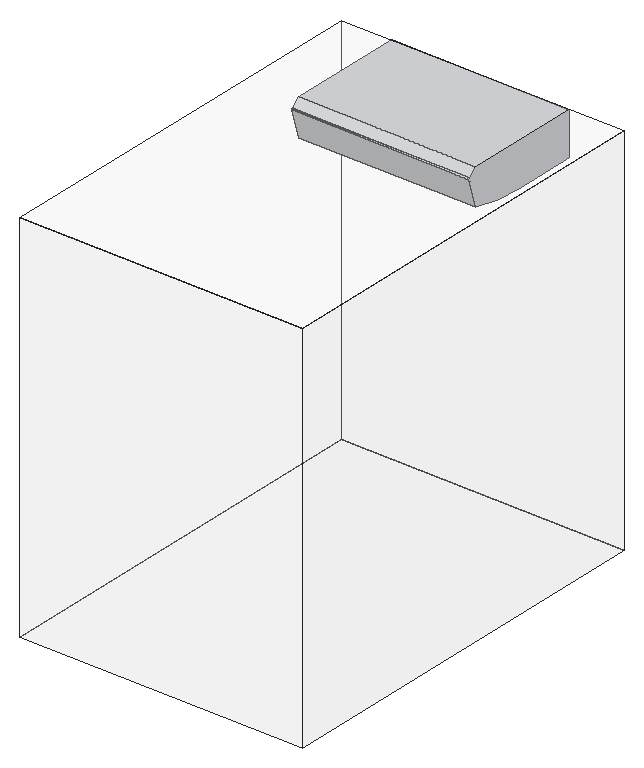
Revit family "pc-rp40_160kal17_50Hz", category 機械設備, Revit 2019
Family settings
  丸型コネクタ寸法 = 直径を使用
  パーツ タイプ = 標準
  OmniClass 番号 = 23.75.10.24.21.27.27
  OmniClass タイトル = Split System Air Conditioning Units
  作業面ベース = いいえ
  常に垂直 = はい
  ロード時にボイドで切り取り = いいえ
  共有 = いいえ
  部屋計算ポイント = はい
Parameters (values of type "天吊_PC-RP40KA17")
  風量（弱）（m3／min） = 9
  風量（中2）（m3／min） = 10
  風量（中1）（m3／min） = 11
  風量（m3／min） = 13
  風量 = MAX風量  # 780.0 m³/h
  音響パワーレベル（弱）(dB) = 48
  音響パワーレベル（中2）(dB) = 50
  音響パワーレベル（中1）(dB) = 53
  音響パワーレベル(dB) = 55
  電源種別 = ""
  電源_H = 0 mm
  電圧_電気ヒーター = 0 V
  電圧 = 200 V
  電動機出力_送風機 = 0.09 kW
  運転質量 = 0.00 kg
  連動 = ""
  質量 = if(製品質量 > 運転質量, 製品質量, 運転質量) * 1.2  # 28.80 kg
  負荷分類 = 3_ファン類
  説明 = "店舗・事務所用パッケージエアコン(Mr.SLIM) [本体] 天吊形室内機"
  設計暖房能力 = 0.00 kW
  設計冷房能力_顕熱 = 0 kW
  設計冷房能力 = 0 kW
  設置方法 = "天井吊形"
  記号 = ""
  製造元 = "三菱電機株式会社"
  製品質量 = 24.00 kg
  製品出荷対象 = "国内"
  製品リリース年月 = "2021年6月30日"
  製品グループ = ""
  背面_液管接続口 = 184 mm
  背面_ドレン管接続口 = 233 mm
  背面_ガス管接続口 = 203 mm
  系統 = ""
  符号 = "ACP-CR"
  積算_科目 = "1 空気調和設備"
  積算_拾い区分 [instance] = ""
  相 = 1
  盤記号 = ""
  発停方法 = "付属スイッチ"
  特殊仕様 = ""
  点検口離隔 [instance] = if(点検口離隔入力値 > 200 mm, 200 mm, if(点検口離隔入力値 < 150 mm, 150 mm, 点検口離隔入力値))  # 150 mm
  点検口離隔入力値 [instance] = 0 mm
  点検口設置範囲 = 0 mm
  点検口 = yes
  火災停止 = ""
  消費電力_電気ヒーター = 0.00 kW
  消費電力_暖房 = 0.00 kW
  消費電力_加湿器 = 0.00 kW
  消費電力_冷房 = 0.05 kW
  消費電力 = if(消費電力_冷房 > 消費電力_暖房, 消費電力_冷房, 消費電力_暖房) + 消費電力_加湿器 + 消費電力_電気ヒーター  # 0.05 kW
  法定耐用年数 = "6"
  極数 = 1
  材質 = ""
  本体マテリアル = none
  有効加湿量 = 0
  暖房能力 = 0.00 kW
  推奨ブレーカー容量 = 0 A
  形式_加湿器 = ""
  形式 = "天井吊（露出）形"
  幹線記号 = ""
  始動方式 = "直入"
  呼称 = "室内機_天井吊(露出)形"
  周波数 = 50 Hz
  吊り位置Y = 320 mm
  吊り位置X = 917 mm
  吊りボルト_H = 50 mm
  台数_手元リモコン = ""
  台数_冷媒分岐ユニット = ""
  参照している仕様書等のバージョン = "公共建築物標準仕様書（機械設備工事編）平成31年度版"
  加湿給水管径 = 0 mm
  分類コード = "50053003221080"
  分類グループ = ""
  冷房能力 = 3.6 kW
  冷媒高低圧ガス管径 = 0 mm
  冷媒管径符号 = "Ac"
  冷媒管径 = 100 mm
  冷媒液管高さ = 126 mm
  冷媒液管径 = 6.35 mm
  冷媒ガス管高さ = 126 mm
  冷媒ガス管径 = 12.7 mm
  価格 = 247000
  企業コード = "108420"
  付属品_フィルター = ""
  付属品 = ""
  仕様書バージョン = "Version1.0"
  モデル = "PC-RP40KA17"
  パネルマテリアル = none
  ドレン管高さ = 190 mm
  ドレン管径 (外径) = 26 mm
  ドレン管径 = 20 mm
  サービススペース = yes
  コメント [instance] = ""
  ケーブル種類1 = ""
  ケーブルサイズ1 = 0 mm
  Width = 960 mm
  Version = ""
  Uniclass2015Version = "Systems v1.9"
  Uniclass2015Title = "Split coil remote air cooled condensing units"
  Uniclass2015Code = "Pr_70_65_03_84"
  URL = "https://www.mitsubishielectric.co.jp/ldg/wink/ssl/displayProduct.do?pid=311504"
  SpecificationReference = ""
  SpecificationDescription = ""
  Revision = ""
  ProductInformation = ""
  OmniClassCode = "23-33 17 13 11"
  MIN風量 = 風量（弱）（m3／min） * 60.0 m³/h  # 540.0 m³/h
  MID風量2 = 風量（中2）（m3／min） * 60.0 m³/h  # 600.0 m³/h
  MID風量 = 風量（中1）（m3／min） * 60.0 m³/h  # 660.0 m³/h
  MAX風量 = 風量（m3／min） * 60.0 m³/h  # 780.0 m³/h
  IfcTypeProduct = ""
  IfcProduct = ""
  IfcExportType = "AIRCONDITIONINGUNIT"
  IfcExportAs = "IfcUnitaryEquipmentType"
  Height_本体 = 230 mm
  Height = Height_本体 + 6 mm  # 236 mm
  Depth = 680 mm
  Clearance Top = 1 mm
  Clearance Right = 300 mm
  Clearance Left = 270 mm
  Clearance Front = 1500 mm
  Clearance Bottom = 1800 mm
  Clearance Back = 0 mm
  Author = "三菱電機株式会社"
Types (21, lengths in mm): name | 風量（弱）（m3／min） | 風量（中2）（m3／min） | 風量（中1）（m3／min） | 風量（m3／min） | 風量 | 音響パワーレベル（弱）(dB) | 音響パワーレベル（中2）(dB) | 音響パワーレベル（中1）(dB) | 音響パワーレベル(dB) | 電動機出力_送風機 | 質量 | 製品質量 | 背面_液管接続口 | 背面_ガス管接続口 | 消費電力_暖房 | 消費電力_冷房 | 消費電力 | 暖房能力 | 吊り位置X | 冷房能力 | 冷媒管径符号 | 冷媒液管径 | 冷媒ガス管径 | 価格 | モデル | Width | URL | MIN風量 | MID風量2 | MID風量 | MAX風量
  (no name) | 9 | 10 | 11 | 13 | 780.0 m³/h | 48 | 50 | 53 | 55 | 0.09 kW | 28.80 kg | 24.00 kg | 184 | 203 | 0.00 kW | 0.05 kW | 0.05 kW | 0.00 kW | 917 | 3.6 kW | "Ac" | 6.35 | 12.7 | 247000 | "PC-RP40KA17" | 960 | "https://www.mitsubishielectric.co.jp/ldg/wink/ssl/displayProduct.do?pid=311504" | 540.0 m³/h | 600.0 m³/h | 660.0 m³/h | 780.0 m³/h
  天吊_PC-RP45KAL17 | 9 | 10 | 11 | 13 | 780.0 m³/h | 48 | 50 | 53 | 55 | 0.09 kW | 28.80 kg | 24.00 kg | 184 | 203 | 0.04 kW | 0.05 kW | 0.05 kW | 4.50 kW | 917 | 4 kW | "Ac" | 6.35 | 12.7 | 267000 | "PC-RP45KAL17" | 960 | "https://www.mitsubishielectric.co.jp/ldg/wink/ssl/displayProduct.do?pid=311472" | 540.0 m³/h | 600.0 m³/h | 660.0 m³/h | 780.0 m³/h
  天吊_PC-RP56KAL17 | 10 | 11 | 12 | 13 | 780.0 m³/h | 48 | 50 | 53 | 55 | 0.09 kW | 30.00 kg | 25.00 kg | 184 | 203 | 0.05 kW | 0.06 kW | 0.06 kW | 5.60 kW | 917 | 5 kW | "Ac" | 6.35 | 12.7 | 286000 | "PC-RP56KAL17" | 960 | "https://www.mitsubishielectric.co.jp/ldg/wink/ssl/displayProduct.do?pid=311474" | 600.0 m³/h | 660.0 m³/h | 720.0 m³/h | 780.0 m³/h
  天吊_PC-RP71KAL17 | 13 | 16 | 18 | 20 | 1200.0 m³/h | 50 | 53 | 55 | 57 | 0.095 kW | 38.40 kg | 32.00 kg | 180 | 200 | 0.09 kW | 0.10 kW | 0.10 kW | 7.00 kW | 1237 | 6.3 kW | "Bd" | 9.5 | 15.9 | 295000 | "PC-RP71KAL17" | 1280 | "https://www.mitsubishielectric.co.jp/ldg/wink/ssl/displayProduct.do?pid=311476" | 780.0 m³/h | 960.0 m³/h | 1080.0 m³/h | 1200.0 m³/h
  天吊_PC-RP80KAL17 | 13 | 16 | 18 | 20 | 1200.0 m³/h | 50 | 53 | 55 | 57 | 0.095 kW | 38.40 kg | 32.00 kg | 180 | 200 | 0.09 kW | 0.10 kW | 0.10 kW | 8.00 kW | 1237 | 7.1 kW | "Bd" | 9.5 | 15.9 | 310000 | "PC-RP80KAL17" | 1280 | "https://www.mitsubishielectric.co.jp/ldg/wink/ssl/displayProduct.do?pid=311477" | 780.0 m³/h | 960.0 m³/h | 1080.0 m³/h | 1200.0 m³/h
  天吊_PC-RP112KAL17 | 20 | 22 | 26 | 29 | 1740.0 m³/h | 54 | 56 | 59 | 62 | 0.16 kW | 45.60 kg | 38.00 kg | 180 | 200 | 0.11 kW | 0.12 kW | 0.12 kW | 11.20 kW | 1557 | 10 kW | "Bd" | 9.5 | 15.9 | 342000 | "PC-RP112KAL17" | 1600 | "https://www.mitsubishielectric.co.jp/ldg/wink/ssl/displayProduct.do?pid=311478" | 1200.0 m³/h | 1320.0 m³/h | 1560.0 m³/h | 1740.0 m³/h
  天吊_PC-RP140KAL17 | 21 | 24 | 27 | 31 | 1860.0 m³/h | 56 | 58 | 61 | 63 | 0.16 kW | 45.60 kg | 38.00 kg | 180 | 200 | 0.13 kW | 0.14 kW | 0.14 kW | 14.00 kW | 1557 | 12.5 kW | "Bd" | 9.5 | 15.9 | 390000 | "PC-RP140KAL17" | 1600 | "https://www.mitsubishielectric.co.jp/ldg/wink/ssl/displayProduct.do?pid=311479" | 1260.0 m³/h | 1440.0 m³/h | 1620.0 m³/h | 1860.0 m³/h
  天吊_PC-RP160KAL17 | 22 | 25 | 28 | 33 | 1980.0 m³/h | 58 | 60 | 62 | 65 | 0.16 kW | 45.60 kg | 38.00 kg | 180 | 200 | 0.16 kW | 0.17 kW | 0.17 kW | 16.00 kW | 1557 | 14 kW | "Bd" | 9.5 | 15.9 | 399000 | "PC-RP160KAL17" | 1600 | "https://www.mitsubishielectric.co.jp/ldg/wink/ssl/displayProduct.do?pid=311480" | 1320.0 m³/h | 1500.0 m³/h | 1680.0 m³/h | 1980.0 m³/h
  天吊_PC-RP63KAL17 | 12 | 14 | 15 | 17 | 1020.0 m³/h | 49 | 51 | 53 | 55 | 0.095 kW | 38.40 kg | 32.00 kg | 184 | 203 | 0.06 kW | 0.07 kW | 0.07 kW | 6.30 kW | 1237 | 5.6 kW | "Ac" | 6.4 | 12.7 | 294000 | "PC-RP63KAL17" | 1280 | "https://www.mitsubishielectric.co.jp/ldg/wink/ssl/displayProduct.do?pid=311475" | 720.0 m³/h | 840.0 m³/h | 900.0 m³/h | 1020.0 m³/h
  天吊_PC-RP40KAL17 | 9 | 10 | 11 | 13 | 780.0 m³/h | 48 | 50 | 53 | 55 | 0.09 kW | 28.80 kg | 24.00 kg | 184 | 203 | 0.04 kW | 0.05 kW | 0.05 kW | 4.00 kW | 917 | 3.6 kW | "Ac" | 6.35 | 12.7 | 258000 | "PC-RP40KAL17" | 960 | "https://www.mitsubishielectric.co.jp/ldg/wink/ssl/displayProduct.do?pid=311471" | 540.0 m³/h | 600.0 m³/h | 660.0 m³/h | 780.0 m³/h
  天吊_PC-RP50KAL17 | 10 | 11 | 12 | 13 | 780.0 m³/h | 48 | 50 | 53 | 55 | 0.09 kW | 30.00 kg | 25.00 kg | 184 | 203 | 0.05 kW | 0.06 kW | 0.06 kW | 5.00 kW | 917 | 4.5 kW | "Ac" | 6.35 | 12.7 | 274000 | "PC-RP50KAL17" | 960 | "https://www.mitsubishielectric.co.jp/ldg/wink/ssl/displayProduct.do?pid=311473" | 600.0 m³/h | 660.0 m³/h | 720.0 m³/h | 780.0 m³/h
  天吊_PC-RP112KA17 | 20 | 22 | 26 | 29 | 1740.0 m³/h | 54 | 56 | 59 | 62 | 0.16 kW | 45.60 kg | 38.00 kg | 180 | 200 | 0.00 kW | 0.12 kW | 0.12 kW | 0.00 kW | 1557 | 10 kW | "Bd" | 9.5 | 15.9 | 331000 | "PC-RP112KA17" | 1600 | "https://www.mitsubishielectric.co.jp/ldg/wink/ssl/displayProduct.do?pid=311468" | 1200.0 m³/h | 1320.0 m³/h | 1560.0 m³/h | 1740.0 m³/h
  天吊_PC-RP140KA17 | 21 | 24 | 27 | 31 | 1860.0 m³/h | 56 | 58 | 61 | 63 | 0.16 kW | 45.60 kg | 38.00 kg | 180 | 200 | 0.00 kW | 0.14 kW | 0.14 kW | 0.00 kW | 1557 | 12.5 kW | "Bd" | 9.5 | 15.9 | 379000 | "PC-RP140KA17" | 1600 | "https://www.mitsubishielectric.co.jp/ldg/wink/ssl/displayProduct.do?pid=311469" | 1260.0 m³/h | 1440.0 m³/h | 1620.0 m³/h | 1860.0 m³/h
  天吊_PC-RP160KA17 | 22 | 25 | 28 | 33 | 1980.0 m³/h | 58 | 60 | 62 | 65 | 0.16 kW | 45.60 kg | 38.00 kg | 180 | 200 | 0.00 kW | 0.17 kW | 0.17 kW | 0.00 kW | 1557 | 14 kW | "Bd" | 9.5 | 15.9 | 388000 | "PC-RP160KA17" | 1600 | "https://www.mitsubishielectric.co.jp/ldg/wink/ssl/displayProduct.do?pid=311470" | 1320.0 m³/h | 1500.0 m³/h | 1680.0 m³/h | 1980.0 m³/h
  天吊_PC-RP40KA17 | 9 | 10 | 11 | 13 | 780.0 m³/h | 48 | 50 | 53 | 55 | 0.09 kW | 28.80 kg | 24.00 kg | 184 | 203 | 0.00 kW | 0.05 kW | 0.05 kW | 0.00 kW | 917 | 3.6 kW | "Ac" | 6.35 | 12.7 | 247000 | "PC-RP40KA17" | 960 | "https://www.mitsubishielectric.co.jp/ldg/wink/ssl/displayProduct.do?pid=311504" | 540.0 m³/h | 600.0 m³/h | 660.0 m³/h | 780.0 m³/h
  天吊_PC-RP45KA17 | 9 | 10 | 11 | 13 | 780.0 m³/h | 48 | 50 | 53 | 55 | 0.09 kW | 28.80 kg | 24.00 kg | 184 | 203 | 0.00 kW | 0.05 kW | 0.05 kW | 0.00 kW | 917 | 4 kW | "Ac" | 6.35 | 12.7 | 256000 | "PC-RP45KA17" | 960 | "https://www.mitsubishielectric.co.jp/ldg/wink/ssl/displayProduct.do?pid=311505" | 540.0 m³/h | 600.0 m³/h | 660.0 m³/h | 780.0 m³/h
  天吊_PC-RP50KA17 | 10 | 11 | 12 | 13 | 780.0 m³/h | 48 | 50 | 53 | 55 | 0.09 kW | 30.00 kg | 25.00 kg | 184 | 203 | 0.00 kW | 0.06 kW | 0.06 kW | 0.00 kW | 917 | 4.5 kW | "Ac" | 6.35 | 12.7 | 263000 | "PC-RP50KA17" | 960 | "https://www.mitsubishielectric.co.jp/ldg/wink/ssl/displayProduct.do?pid=311506" | 600.0 m³/h | 660.0 m³/h | 720.0 m³/h | 780.0 m³/h
  天吊_PC-RP56KA17 | 10 | 11 | 12 | 13 | 780.0 m³/h | 48 | 50 | 53 | 55 | 0.09 kW | 30.00 kg | 25.00 kg | 184 | 203 | 0.00 kW | 0.06 kW | 0.06 kW | 0.00 kW | 917 | 5 kW | "Ac" | 6.35 | 12.7 | 275000 | "PC-RP56KA17" | 960 | "https://www.mitsubishielectric.co.jp/ldg/wink/ssl/displayProduct.do?pid=311507" | 600.0 m³/h | 660.0 m³/h | 720.0 m³/h | 780.0 m³/h
  天吊_PC-RP63KA17 | 12 | 14 | 15 | 17 | 1020.0 m³/h | 49 | 51 | 53 | 55 | 0.095 kW | 38.40 kg | 32.00 kg | 184 | 203 | 0.00 kW | 0.07 kW | 0.07 kW | 0.00 kW | 1237 | 5.6 kW | "Ac" | 6.4 | 12.7 | 283000 | "PC-RP63KA17" | 1280 | "https://www.mitsubishielectric.co.jp/ldg/wink/ssl/displayProduct.do?pid=311380" | 720.0 m³/h | 840.0 m³/h | 900.0 m³/h | 1020.0 m³/h
  天吊_PC-RP71KA17 | 13 | 16 | 18 | 20 | 1200.0 m³/h | 50 | 53 | 55 | 57 | 0.095 kW | 38.40 kg | 32.00 kg | 180 | 200 | 0.00 kW | 0.10 kW | 0.10 kW | 0.00 kW | 1237 | 6.3 kW | "Bd" | 9.5 | 15.9 | 284000 | "PC-RP71KA17" | 1280 | "https://www.mitsubishielectric.co.jp/ldg/wink/ssl/displayProduct.do?pid=311466" | 780.0 m³/h | 960.0 m³/h | 1080.0 m³/h | 1200.0 m³/h
  天吊_PC-RP80KA17 | 13 | 16 | 18 | 20 | 1200.0 m³/h | 50 | 53 | 55 | 57 | 0.095 kW | 38.40 kg | 32.00 kg | 180 | 200 | 0.00 kW | 0.10 kW | 0.10 kW | 0.00 kW | 1237 | 7.1 kW | "Bd" | 9.5 | 15.9 | 299000 | "PC-RP80KA17" | 1280 | "https://www.mitsubishielectric.co.jp/ldg/wink/ssl/displayProduct.do?pid=311467" | 780.0 m³/h | 960.0 m³/h | 1080.0 m³/h | 1200.0 m³/h
Reference planes
  plane 1 "中心(正面/背面)": y = 0
  plane 2: z = 0
  plane 3 "中心(左/右)": x = 0
  plane 4: z = 236
  plane 5: y = 260
  plane 6: y = -60
  plane 7: y = 340
  plane 8: y = -340
  plane 9: x = -480
  plane 10: x = 480
  plane 11: x = -750
  plane 12: x = 780
  plane 13 "back": y = 340
  plane 14: y = -1840
  plane 15: z = 237
  plane 16: z = -1800
  plane 17: x = 394
  plane 18: x = 309
  plane 19: z = 110
  plane 20 "液管": y = 156
  plane 21: y = 340
  plane 22 "ガス管": y = 137
  plane 23 "ドレン管": y = 107
  plane 24: x = 342
  plane 25: z = 46
  plane 26: x = -405
  plane 27: x = 351.5
Forms (mm)
  Extrusion 1, solid, detail levels fine
    sketch origin (0, 156, 0) x (0, 0, -1) y (1, 0, 0)
      loop
        circle (-110, 309) r 3.175
    from 0 to 100
  Extrusion 2, solid, detail levels fine
    sketch origin (0, 137, 0) x (0, 0, -1) y (1, 0, 0)
      loop
        circle (-110, 394) r 6.35
    from 0 to 100
  Extrusion 3, solid, detail levels fine
    sketch origin (0, 107, 0) x (0, 0, -1) y (1, 0, 0)
      loop
        circle (-46, 342) r 13
    from 0 to 100
  Extrusion 4, solid, detail levels fine
    sketch origin (0, 107, 0) x (0, 0, -1) y (1, 0, 0)
      loop
        circle (-46, -405) r 13
    from 0 to 100
  Extrusion 5, solid, detail levels fine
    sketch origin (0, 137, 0) x (0, 0, -1) y (1, 0, 0)
      loop
        circle (-110, 351.5) r 50
    from 0 to 120
Dimensions and locks
  "吊り位置Y": plane 6 to plane 5
  equal spacing: plane 8, plane 1 "中心(正面/背面)", plane 7
  "Depth": plane 8 to plane 7
  equal spacing: plane 9, plane 3 "中心(左/右)", plane 10
  "Width": plane 9 to plane 10
  "Clearance Back": plane 7 to plane 13 "back"
  "Clearance Front": plane 14 to plane 8
  "Clearance Right": plane 10 to plane 12
  "Clearance Left": plane 11 to plane 9
  "Height": plane 4 to level
  locked: plane 5 to plane 7 at 80
  "Clearance Bottom": level to plane 16
  "Clearance Top": plane 15 to plane 4
  plane 10 to plane 9 = 960 mm
  "背面_液管接続口": plane 20 "液管" to plane 21
  "背面_ガス管接続口": plane 22 "ガス管" to plane 21
  "背面_ドレン管接続口": plane 23 "ドレン管" to plane 21
  "冷媒ガス管高さ": plane 4 to plane 19
  "ドレン管高さ": plane 4 to plane 25
  plane 17 to plane 27 to plane 18 = 42.5 mm, 42.5 mm
  locked: plane 10 to plane 17 at 86
  locked: plane 17 to plane 18 at 85
  locked: plane 10 to plane 24 at 138
  locked: plane 26 to plane 9 at 75
  diameter of Extrusion 2 = 12.7 mm
  diameter of Extrusion 1 = 6.35 mm
  "ドレン管径 (外径)": diameter of Extrusion 3
  "ドレン管径 (外径)": diameter of Extrusion 4
  aligned and locked: level to plane 2
  aligned and locked: nested 2 to plane 5
  aligned and locked: plane 6 to nested 2
  aligned and locked: nested 1 to plane 11
  aligned and locked: nested 1 to plane 12
  aligned and locked: plane 14 to nested 1
  aligned and locked: plane 13 "back" to nested 1
  aligned and locked: plane 15 to nested 1
  aligned and locked: plane 1 "中心(正面/背面)" to nested 3
  aligned and locked: plane 3 "中心(左/右)" to nested 3
  aligned and locked: plane 16 to nested 1
  aligned and locked: Extrusion 1 to plane 20 "液管"
  aligned and locked: Extrusion 2 to plane 22 "ガス管"
  aligned and locked: Extrusion 3 to plane 23 "ドレン管"
  aligned and locked: Extrusion 4 to plane 23 "ドレン管"
Automatic sketch dimensions
  Extrusion 1 sketch curve to plane 18 = 0 mm
  Extrusion 1 sketch curve to plane 19 = 0 mm
  Extrusion 2 sketch curve to plane 17 = 0 mm
  Extrusion 2 sketch curve to plane 19 = 0 mm
  Extrusion 3 sketch curve to plane 24 = 0 mm
  Extrusion 3 sketch curve to plane 25 = 0 mm
  Extrusion 4 sketch curve to plane 25 = 0 mm
  Extrusion 4 sketch curve to plane 26 = 0 mm
  Extrusion 5 sketch curve to plane 19 = 0 mm
  Extrusion 5 sketch curve to plane 27 = 0 mm
  radius of Extrusion 1 sketch curve = 3.175 mm
  radius of Extrusion 2 sketch curve = 6.35 mm
  radius of Extrusion 3 sketch curve = 13 mm
  radius of Extrusion 4 sketch curve = 13 mm
  radius of Extrusion 5 sketch curve = 50 mm
Nested families
  nested 1: "サービススペース" at (15, -750, -781.5), visible <- "サービススペース", type "サービススペース"
    with Width 1530 mm, Height 2037 mm, Depth 2180 mm
  nested 2: "固定点" at (-458.5, -60, 0), type "固定点"
    with W 917 mm, D 320 mm
  nested 3: "PCFY-P-KMG" at (0, 0, 0), type "PCFY-P-KMG", detail levels fine
Connectors
  electrical at (196, 339, 206), driven by "極数", driven by "負荷分類", driven by "電圧", driven by "消費電力"
    settings: on nested 3, index 1, voltage 200 V, apparent load 50 VA, apparent load phase1 0 VA, apparent load phase2 0 VA, apparent load phase3 0 VA, power factor 1, load classification "3_ファン類", number of poles 1, system type 30, power factor state 1, is connector primary yes, connector utility no, sub classification motor no, connector description ""
  piping at (351.5, 137, 110), diameter 100, driven by "冷媒管径"
    settings: on Extrusion 5, index 2, connector inside diameter 609.6 mm, connector length 0 mm, flow factor 0, pipe flow 0.0 L/s, pressure drop 0.0 Pa, fitting loss kfactor 0, connector angle 0.00°, fixture units 0, engagement length 0 mm, angle of deflection 0.00°, flow configuration 1, flow direction 1, fitting loss method 4, system type 7, joint type 0, gender type 0, connector reference index -1, connector utility 0, adjustable connector no, is connector primary yes, connector description "冷媒管"
  piping at (342, 107, 46), diameter 20, driven by "ドレン管径"
    settings: on Extrusion 3, index 3, connector inside diameter 609.6 mm, connector length 0 mm, flow factor 0, pipe flow 0.0 L/s, pressure drop 0.0 Pa, fitting loss kfactor 0, connector angle 0.00°, fixture units 0, engagement length 0 mm, angle of deflection 0.00°, flow configuration 1, flow direction 2, fitting loss method 0, system type 16, joint type 0, gender type 0, connector reference index -1, connector utility 0, adjustable connector no, is connector primary no, connector description "ドレン管1"
  piping at (-405, 107, 46), diameter 20, driven by "ドレン管径"
    settings: on Extrusion 4, index 4, connector inside diameter 609.6 mm, connector length 0 mm, flow factor 0, pipe flow 0.0 L/s, pressure drop 0.0 Pa, fitting loss kfactor 0, connector angle 0.00°, fixture units 0, engagement length 0 mm, angle of deflection 0.00°, flow configuration 1, flow direction 2, fitting loss method 0, system type 16, joint type 0, gender type 0, connector reference index -1, connector utility 0, adjustable connector no, is connector primary no, connector description "ドレン管2"
Definition of nested family "サービススペース"
  Parameters (values of type "サービススペース")
    Width [instance] = 500 mm
    Height [instance] = 500 mm
    Depth [instance] = 500 mm
  Reference planes
    plane 1 "中心(正面/背面)": y = 0
    plane 2: z = 0
    plane 3 "中心(左/右)": x = 0
    plane 4: y = -250
    plane 5: x = 250
    plane 6: y = 250
    plane 7: x = -250
    plane 8: z = 250
    plane 9: z = -250
  Forms (mm)
    Extrusion 1, solid
      sketch origin (-638.939, 0, 72.39) x (1, 0, 0) y (0, 1, 0)
        loop
          line (388.939, 250) -> (388.939, -250) -> (888.939, -250) -> (888.939, 250) -> (388.939, 250)
      from -322.39 to 177.61
  Lines and regions (mm)
    symbolic lines
      curve 1: line (-250, 0, 250) -> (250, 0, 250)
      curve 2: line (-250, 0, -250) -> (-250, 0, 250)
      curve 3: line (250, 0, -250) -> (-250, 0, -250)
      curve 4: line (250, 0, 250) -> (250, 0, -250)
      curve 5: line (0, -250, 250) -> (0, 250, 250)
      curve 6: line (0, -250, -250) -> (0, -250, 250)
      curve 7: line (0, 250, -250) -> (0, -250, -250)
      curve 8: line (0, 250, 250) -> (0, 250, -250)
      curve 9: line (-250, 250, 0) -> (250, 250, 0)
      curve 10: line (-250, -250, 0) -> (-250, 250, 0)
      curve 11: line (250, -250, 0) -> (-250, -250, 0)
      curve 12: line (250, 250, 0) -> (250, -250, 0)
  Dimensions and locks
    equal spacing: plane 7, plane 3 "中心(左/右)", plane 5
    equal spacing: plane 4, plane 1 "中心(正面/背面)", plane 6
    "Depth": plane 4 to plane 6
    "Width": plane 7 to plane 5
    equal spacing: plane 8, plane 2, plane 9
    "Height": plane 8 to plane 9
    aligned and locked: plane 9 to curve 3
    aligned and locked: plane 7 to curve 2
    aligned and locked: curve 4 to plane 5
    aligned and locked: plane 5 to Extrusion 1
    aligned and locked: Extrusion 1 to plane 7
    aligned and locked: Extrusion 1 to plane 9
    aligned and locked: plane 8 to Extrusion 1
    aligned and locked: plane 9 to curve 7
  Automatic sketch dimensions
    plane 4 to Extrusion 1 sketch curve = 0 mm
    Extrusion 1 sketch curve to plane 7 = 0 mm
    Extrusion 1 sketch curve to plane 5 = 0 mm
    plane 6 to Extrusion 1 sketch curve = 0 mm
    curve 2 to plane 8 = 0 mm
    plane 4 to curve 11 = 0 mm
    curve 11 to plane 7 = 0 mm
    curve 11 to plane 5 = 0 mm
    plane 6 to curve 10 = 0 mm
    curve 7 to plane 4 = 0 mm
    curve 7 to plane 6 = 0 mm
    curve 6 to plane 8 = 0 mm
Definition of nested family "PCFY-P-KMG"
  Parameters (values of type "PCFY-P-KMG")
    配線取出口サイズ = 22 mm
    配線取出口-Z = 0 mm
    配線取出口-Y = 0 mm
    配線取出口-X = 0 mm
    液配管サイズ = 100 mm
    高さ = 236 mm
    奥行き = 680 mm
    吊りボルト_H = 50 mm
    冷媒配管サイズ = 6.35 mm
    冷媒液管径-Z = 0 mm
    冷媒液管径-Y = 0 mm
    冷媒液管径-X = 0 mm
    冷媒ガス管径-Z = 0 mm
    冷媒ガス管径-Y = 0 mm
    冷媒ガス管径-X = 0 mm
    吊りボルト-W = 917 mm
    マテリアル = none
    ドレン配管サイズ = 26 mm
    ドレン管径-Z = 0 mm
    ドレン管径-Y = 0 mm
    ドレン管径-X = 0 mm
    ガス配管サイズ = 12.7 mm
    吊りボルト-D = 320 mm
    幅さ = 960 mm
  Reference planes
    plane 1 "中心(正面/背面)": y = 0
    plane 2: z = 0
    plane 3 "中心(左/右)": x = 0
    plane 4: z = 236
    plane 5: x = -480
    plane 6: x = 480
    plane 7: y = 340
    plane 8: y = -340
    plane 9: y = -289
    plane 10: y = -330
    plane 11: y = -335
    plane 12: z = 84
    plane 13: z = 172
    plane 14: z = 195
    plane 15: z = 200
    plane 16: z = 40
    plane 17: x = -426.5
    plane 18: x = 426.5
    plane 19: y = -136
    plane 20: y = -193
    plane 21: y = 86
    plane 22: z = 110
    plane 23: x = -469
    plane 24: y = 156
    plane 25: y = 137
    plane 26: y = 94
    plane 27: x = -158
    plane 28: z = 206
    plane 29: x = 196
    plane 30: x = 158
    plane 31: y = 140
  Forms (mm)
    Extrusion 1, solid, material <- "マテリアル"
      sketch origin (480, 1296.25, 1200) x (0, 1, 0) y (0, 0, 1)
        loop
          line (-1585.25, -964) -> (-1626.25, -1000) -> (-1631.25, -1000) -> (-1636.25, -1005) -> (-1585.25, -1160)
          arc (-1585.25, -1160) -> (-1442.128, -1189.953) -> (-1296.25, -1200) r 1064.013
          line (-1296.25, -1200) -> (-956.25, -1200) -> (-956.25, -964) -> (-1585.25, -964)
      from -960 to 0
    Extrusion 2, solid, material <- "マテリアル"
      sketch origin (674, 0, 0) x (1, 0, 0) y (0, 0, 1)
        loop
          circle (-478, 206) r 11
      from -339 to -340
    Extrusion 3, solid, material <- "マテリアル"
      sketch origin (636, 0, 0) x (1, 0, 0) y (0, 0, 1)
        loop
          circle (-478, 206) r 11
      from -339 to -340
    Extrusion 4, solid, material <- "マテリアル"
      sketch origin (674, 0, -169) x (1, 0, 0) y (0, 0, 1)
        loop
          circle (-478, 206) r 11
      from -339 to -340
    Extrusion 5, solid, material <- "マテリアル"
      sketch origin (636, 0, -169) x (1, 0, 0) y (0, 0, 1)
        loop
          circle (-478, 206) r 11
      from -339 to -340
  Lines and regions (mm)
    model lines
      curve 1: line (426.5, -303.59, 84.341) -> (426.5, -332.355, 171.766)
      curve 2: line (426.5, -332.355, 171.766) -> (-426.5, -332.355, 171.766)
      curve 3: line (-426.5, -303.59, 84.341) -> (426.5, -303.59, 84.341)
      curve 4: line (-426.5, -332.355, 171.766) -> (-426.5, -303.59, 84.341)
      curve 5: line (-426.5, 310, 0) -> (-426.5, 86, 0)
      curve 6: line (426.5, 310, 0) -> (426.5, 86, 0)
      curve 7: line (426.5, 310, 0) -> (-426.5, 310, 0)
      curve 8: line (426.5, 86, 0) -> (-426.5, 86, 0)
      curve 9: line (426.5, 294, 0) -> (-426.5, 294, 0)
      curve 10: line (426.5, 278, 0) -> (-426.5, 278, 0)
      curve 11: line (426.5, 262, 0) -> (-426.5, 262, 0)
      curve 12: line (426.5, 246, 0) -> (-426.5, 246, 0)
      curve 13: line (426.5, 230, 0) -> (-426.5, 230, 0)
      curve 14: line (426.5, 214, 0) -> (-426.5, 214, 0)
      curve 15: line (426.5, 198, 0) -> (-426.5, 198, 0)
      curve 16: line (426.5, 182, 0) -> (-426.5, 182, 0)
      curve 17: line (426.5, 166, 0) -> (-426.5, 166, 0)
      curve 18: line (426.5, 150, 0) -> (-426.5, 150, 0)
      curve 19: line (426.5, 134, 0) -> (-426.5, 134, 0)
      curve 20: line (426.5, 118, 0) -> (-426.5, 118, 0)
      curve 21: line (426.5, 102, 0) -> (-426.5, 102, 0)
  Dimensions and locks
    equal spacing: plane 8, plane 1 "中心(正面/背面)", plane 7
    "奥行き": plane 8 to plane 7
    equal spacing: plane 5, plane 3 "中心(左/右)", plane 6
    "幅さ": plane 5 to plane 6
    "高さ": plane 4 to level
    locked: plane 8 to plane 11 at 5
    locked: plane 8 to plane 10 at 10
    locked: plane 8 to plane 9 at 51
    locked: plane 12 to level at 84
    locked: plane 14 to level at 195
    locked: plane 15 to level at 200
    locked: plane 16 to level at 40
    plane 17 to plane 18 = 853 mm
    locked: plane 5 to plane 17 at 53.5
    locked: plane 18 to plane 6 at 53.5
    locked: plane 13 to plane 12 at 88
    locked: plane 20 to plane 19 at 57
    locked: plane 19 to plane 7 at 476
    locked: plane 21 to plane 7 at 254
    locked: plane 4 to plane 22 at 126
    locked: plane 26 to plane 7 at 246
    locked: plane 24 to plane 7 at 184
    locked: plane 25 to plane 7 at 203
    locked: plane 5 to plane 27 at 322
    locked: plane 4 to plane 28 at 30
    plane 6 to plane 29 = 284 mm
    plane 29 to plane 30 = 38 mm
    "配線取出口サイズ": diameter of Extrusion 2 sketch curve
    "配線取出口サイズ": diameter of Extrusion 3 sketch curve
    "配線取出口サイズ": diameter of Extrusion 4 sketch curve
    "配線取出口サイズ": diameter of Extrusion 5 sketch curve
    aligned and locked: level to plane 2
    aligned and locked: Extrusion 1 sketch curve to plane 4
    aligned and locked: Extrusion 1 sketch curve to plane 7
    aligned and locked: Extrusion 1 sketch curve to level
    aligned and locked: plane 15 to Extrusion 1 sketch curve
    aligned and locked: plane 14 to Extrusion 1 sketch curve
    aligned and locked: plane 16 to Extrusion 1 sketch curve
    aligned and locked: Extrusion 1 to plane 5
    aligned and locked: plane 6 to Extrusion 1
    aligned and locked: curve 4 to plane 17
    aligned and locked: plane 18 to curve 1
    aligned and locked: curve 5 to plane 17
    aligned and locked: curve 6 to plane 18
    aligned and locked: curve 8 to plane 21
    aligned and locked: plane 28 to Extrusion 2 sketch curve
    aligned and locked: plane 7 to Extrusion 2
  Automatic sketch dimensions
    plane 7 to curve 7 = 30 mm
    curve 21 to plane 26 = 8 mm
    curve 21 to curve 20 = 16 mm
    plane 25 to curve 19 = 3 mm
    plane 24 to curve 18 = 6 mm
    curve 17 to plane 24 = 10 mm
    curve 17 to curve 16 = 16 mm
    curve 16 to curve 15 = 16 mm
    curve 15 to curve 14 = 16 mm
    curve 14 to curve 13 = 16 mm
    curve 13 to curve 12 = 16 mm
    curve 12 to curve 11 = 16 mm
    curve 11 to curve 10 = 16 mm
    curve 10 to curve 9 = 16 mm
    Extrusion 1 sketch curve to plane 8 = 0 mm
    Extrusion 1 sketch curve to plane 11 = 0 mm
    Extrusion 1 sketch curve to plane 10 = 0 mm
    Extrusion 1 sketch curve to plane 9 = 0 mm  (x2)
    Extrusion 1 sketch curve to plane 1 "中心(正面/背面)" = 0 mm
    Extrusion 1 to curve 1 = 24.459 mm
    curve 3 to Extrusion 1 = 46.68 mm
    Extrusion 1 to curve 4 = 53.5 mm
    Extrusion 1 to curve 3 = 53.5 mm
    Extrusion 2 sketch curve to plane 29 = 0 mm
    Extrusion 3 sketch curve to plane 28 = 0 mm
    Extrusion 3 sketch curve to plane 30 = 0 mm
    Extrusion 4 sketch curve to plane 29 = 0 mm
    Extrusion 4 sketch curve to plane 16 = 3 mm
    Extrusion 5 sketch curve to plane 30 = 0 mm
    Extrusion 5 sketch curve to plane 16 = 3 mm
Definition of nested family "固定点"
  Parameters (values of type "固定点")
    中心円 = 20 mm
    W [instance] = 1000 mm
    D [instance] = 1000 mm
  Reference planes
    plane 1 "中心(正面/背面)": y = 0
    plane 2: z = 0
    plane 3 "中心(左/右)": x = 0
    plane 4: x = 1000
    plane 5: y = 1000
  Lines and regions (mm)
    symbolic lines, detail levels fine
      curve 1: circle (0, 1000, 0) r 10 normal (0, 0, 1)
      curve 2: circle (0, 0, 0) r 10 normal (0, 0, 1)
      curve 3: circle (1000, 1000, 0) r 10 normal (0, 0, 1)
      curve 4: circle (1000, 0, 0) r 10 normal (0, 0, 1)
      curve 5: line (-200, 1000, 0) -> (1200, 1000, 0)
      curve 6: line (-200, 0, 0) -> (1200, 0, 0)
      curve 7: line (0, 1200, 0) -> (0, -200, 0)
      curve 8: line (1000, 1200, 0) -> (1000, -200, 0)
  Dimensions and locks
    "W": plane 3 "中心(左/右)" to plane 4
    "D": plane 1 "中心(正面/背面)" to plane 5
    "中心円": diameter of curve 1
    "中心円": diameter of curve 2
    "中心円": diameter of curve 3
    "中心円": diameter of curve 4
    aligned and locked: level to plane 2
    aligned and locked: plane 5 to curve 1
    aligned and locked: plane 3 "中心(左/右)" to curve 1
    aligned and locked: plane 3 "中心(左/右)" to curve 2
    aligned and locked: plane 1 "中心(正面/背面)" to curve 2
    aligned and locked: plane 4 to curve 3
    aligned and locked: plane 5 to curve 3
    aligned and locked: plane 1 "中心(正面/背面)" to curve 4
    aligned and locked: plane 4 to curve 4
    aligned and locked: plane 1 "中心(正面/背面)" to curve 6
    aligned and locked: curve 7 to plane 3 "中心(左/右)"
    aligned and locked: curve 8 to plane 4
  Automatic sketch dimensions
    curve 5 to plane 5 = 0 mm
    curve 6 to plane 3 "中心(左/右)" = 200 mm
    curve 5 to plane 3 "中心(左/右)" = 200 mm
    curve 4 to curve 6 = 200 mm
    curve 3 to curve 5 = 200 mm
    plane 1 "中心(正面/背面)" to curve 8 = 200 mm
    plane 1 "中心(正面/背面)" to curve 7 = 200 mm
    curve 3 to curve 8 = 200 mm
    curve 1 to curve 7 = 200 mm
